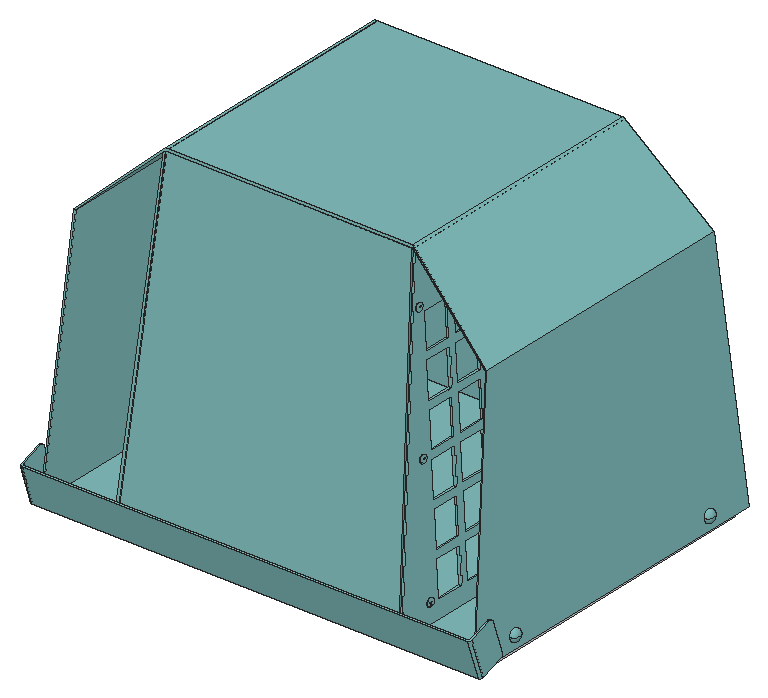
Revit family "Exterior-Mounted Hood", category Generic Models, host Face, Revit 2020
Family settings
  Host = Face
  Can host rebar = No
  Round Connector Dimension = Use Diameter
  Part Type = Normal
  Cut with Voids When Loaded = No
  Shared = No
  Room Calculation Point = No
Parameters
  Default Elevation = 1219.2 mm
Reference planes
  plane 1 "Center (Front/Back)": y = 0
  plane 2: z = 0
  plane 3 "Center (Left/Right)": x = 0
  plane 4: z = 233.5
  plane 5: x = -85
  plane 6: x = -142
  plane 7: z = 179.5
  plane 8: x = -149.5
  plane 9: z = 4
  plane 10: y = 90
  plane 11: z = 13.5
  plane 12: y = 97.5
  plane 13: y = 117.5
  plane 14: y = -90
  plane 15: y = -97.5
  plane 16: y = -117.5
  plane 17: x = 85
  plane 18: x = 142
  plane 19: x = 149.5
Forms (mm)
  Extrusion 1, void
    sketch origin (0, 0, 0) x (1, 0, 0) y (0, 1, 0)
      loop
        line (-40, 35) -> (-40, -36.24) -> (36.866, -36.24) -> (36.866, 35) -> (-40, 35)
    from 0 to -3.408
  Blend 2, solid, material "Default"
    base sketch origin (5.395, 0, -25.499) x (1, 0, 0) y (0, 1, 0)
      loop
        line (-154.895, 117.5) -> (-154.895, -117.5) -> (144.105, -117.5) -> (144.105, 117.5) -> (-154.895, 117.5)
    top sketch origin (5.395, 0, -25.499) x (1, 0, 0) y (0, 1, 0)
      loop
        line (-147.395, 97.5) -> (-147.395, -97.5) -> (136.605, -97.5) -> (136.605, 97.5) -> (-147.395, 97.5)
    from 29.5 to 204.999
  Blend 3, solid, material "Default"
    base sketch origin (5.395, 0, 180.001) x (1, 0, 0) y (0, 1, 0)
      loop
        line (-147.395, -97.5) -> (136.605, -97.5) -> (136.605, 97.5) -> (-147.395, 97.5) -> (-147.395, -97.5)
    top sketch origin (5.395, 0, 180.001) x (1, 0, 0) y (0, 1, 0)
      loop
        line (-90.395, 90) -> (-90.395, -90) -> (79.605, -90) -> (79.605, 90) -> (-90.395, 90)
    from -0.501 to 53.499
  Extrusion 4, solid
    sketch origin (0, 0, 0) x (1, 0, 0) y (0, 1, 0)
      loop
        line (-146, 109.864) -> (-146, -110) -> (146, -110) -> (146, 109.864) -> (-146, 109.864)
    from 0 to 4
  Revolve 5, solid, material "Default"
    sketch origin (0, 2.474, 13.5) x (-1, 0, 0) y (0, -1, 0)
      loop
        line (149.376, 85.974) -> (153, 85.974)
        spline (153, 85.974) -> (152.967, 86.566) -> (152.869, 87.144) -> (152.708, 87.697) -> (152.487, 88.211) -> (152.212, 88.677) -> (151.888, 89.083) -> (151.522, 89.421) -> (151.123, 89.683) -> (150.7, 89.864) -> (150.261, 89.959) -> (149.816, 89.967) -> (149.376, 89.887)
        line (149.376, 89.887) -> (149.376, 85.974)
      loop
        line (148.758, 85.974) -> (148.758, 89.641) -> (147.541, 89.641) -> (147.541, 87.367) -> (145.779, 87.367) -> (145.779, 85.974) -> (148.758, 85.974)
      axis (145.779, 85.974) -> (153, 85.974)
    angle from 0 to 360
  Revolve 6, solid, material "Default"
    sketch origin (0, -21.885, 13.5) x (-1, 0, 0) y (0, -1, 0)
      loop
        line (149.376, 85.974) -> (153.5, 85.974) -> (153.5, 87.367) -> (149.376, 87.367) -> (149.376, 85.974)
      loop
        line (148.758, 85.974) -> (148.758, 89.641) -> (147.541, 89.641) -> (147.541, 87.367) -> (145.779, 87.367) -> (145.779, 85.974) -> (148.758, 85.974)
      axis (145.779, 85.974) -> (153.5, 85.974)
    angle from 0 to 360
  Revolve 7, solid, material "Default"
    sketch origin (0, -21.885, 13.5) x (1, 0, 0) y (0, 1, 0)
      loop
        line (149.376, -85.974) -> (149.376, -87.367) -> (153.5, -87.367) -> (153.5, -85.974) -> (149.376, -85.974)
      loop
        line (148.758, -85.974) -> (145.779, -85.974) -> (145.779, -87.367) -> (147.541, -87.367) -> (147.541, -89.641) -> (148.758, -89.641) -> (148.758, -85.974)
      axis (145.779, -85.974) -> (153.5, -85.974)
    angle from 0 to 360
  Revolve 8, solid, material "Default"
    sketch origin (0, 2.474, 13.5) x (1, 0, 0) y (0, 1, 0)
      loop
        line (149.376, -85.974) -> (149.376, -89.887)
        spline (149.376, -89.887) -> (149.816, -89.967) -> (150.261, -89.959) -> (150.7, -89.864) -> (151.123, -89.683) -> (151.522, -89.421) -> (151.888, -89.083) -> (152.212, -88.677) -> (152.487, -88.211) -> (152.708, -87.697) -> (152.869, -87.144) -> (152.967, -86.566) -> (153, -85.974)
        line (153, -85.974) -> (149.376, -85.974)
      loop
        line (148.758, -85.974) -> (145.779, -85.974) -> (145.779, -87.367) -> (147.541, -87.367) -> (147.541, -89.641) -> (148.758, -89.641) -> (148.758, -85.974)
      axis (145.779, -85.974) -> (153, -85.974)
    angle from 0 to 360
  Revolve 9, solid, material "Default"
    sketch origin (0, -2.474, 13.5) x (-1, 0, 0) y (0, -1, 0)
      loop
        line (149.376, -85.974) -> (149.376, -89.887)
        spline (149.376, -89.887) -> (149.816, -89.967) -> (150.261, -89.959) -> (150.7, -89.864) -> (151.123, -89.683) -> (151.522, -89.421) -> (151.888, -89.083) -> (152.212, -88.677) -> (152.487, -88.211) -> (152.708, -87.697) -> (152.869, -87.144) -> (152.967, -86.566) -> (153, -85.974)
        line (153, -85.974) -> (149.376, -85.974)
      loop
        line (148.758, -85.974) -> (145.779, -85.974) -> (145.779, -87.367) -> (147.541, -87.367) -> (147.541, -89.641) -> (148.758, -89.641) -> (148.758, -85.974)
      axis (145.779, -85.974) -> (153, -85.974)
    angle from 0 to 360
  Revolve 10, solid, material "Default"
    sketch origin (0, -2.474, 13.5) x (1, 0, 0) y (0, 1, 0)
      loop
        line (149.376, 85.974) -> (153, 85.974)
        spline (153, 85.974) -> (152.967, 86.566) -> (152.869, 87.144) -> (152.708, 87.697) -> (152.487, 88.211) -> (152.212, 88.677) -> (151.888, 89.083) -> (151.522, 89.421) -> (151.123, 89.683) -> (150.7, 89.864) -> (150.261, 89.959) -> (149.816, 89.967) -> (149.376, 89.887)
        line (149.376, 89.887) -> (149.376, 85.974)
      loop
        line (148.758, 85.974) -> (148.758, 89.641) -> (147.541, 89.641) -> (147.541, 87.367) -> (145.779, 87.367) -> (145.779, 85.974) -> (148.758, 85.974)
      axis (145.779, 85.974) -> (153, 85.974)
    angle from 0 to 360
  SweptBlend 11, solid, material "Default"
    path origin (0, 0, 4.001) x (1, 0, 0) y (0, 0, 1)
      loop
        line (0, 2) -> (0, 228.104)
    profile origin (0, 0, 6.001) x (-1, 0, 0) y (0, -1, 0)
      loop
        line (-97.5, 117.5) -> (-99.002, 117.5) -> (-99.002, -117.5) -> (-97.5, -117.5) -> (-97.5, 117.5)
    end profile origin (0, 0, 232.106) x (-1, 0, 0) y (0, -1, 0)
      loop
        line (-86, -90) -> (-84.413, -90) -> (-84.413, 90) -> (-86, 90) -> (-86, -90)
  Extrusion 12, void
    sketch origin (0, 0, 0) x (1, 0, 0) y (0, 0, 1)
      loop
        line (-85.018, 232.106) -> (-141.018, 179.053) -> (-148.414, 6.001) -> (148.414, 6.001) -> (141.018, 179.053) -> (85.018, 232.106) -> (-85.018, 232.106)
    from -129.99 to 144.826
  Extrusion 13, solid, material "Default"
    sketch origin (0, 0, 0) x (1, 0, 0) y (0, 0, 1)
      loop
        line (-146, 11.126) -> (-146, 4.001) -> (146, 4.001) -> (146, 11.126)
        spline (146, 11.126) -> (145.974, 11.515) -> (145.898, 11.898) -> (145.772, 12.267) -> (145.598, 12.617) -> (145.38, 12.941) -> (145.121, 13.234) -> (144.826, 13.491) -> (144.5, 13.708) -> (144.148, 13.88) -> (143.776, 14.005) -> (143.392, 14.081) -> (143, 14.107)
        line (143, 14.107) -> (-143, 14.107)
        spline (-143, 14.107) -> (-143.392, 14.081) -> (-143.776, 14.005) -> (-144.148, 13.88) -> (-144.5, 13.708) -> (-144.826, 13.491) -> (-145.121, 13.234) -> (-145.38, 12.941) -> (-145.598, 12.617) -> (-145.772, 12.267) -> (-145.898, 11.898) -> (-145.974, 11.515) -> (-146, 11.126)
    from -118.974 to -117.461
  SweptBlend 14, solid, material "Default"
    path origin (0, 0, 4.001) x (-1, 0, 0) y (0, 0, 1)
      loop
        line (0, 2) -> (0, 228.104)
    profile origin (0, 0, 6.001) x (-1, 0, 0) y (0, -1, 0)
      loop
        line (97.5, 117.5) -> (97.5, -117.5) -> (99.002, -117.5) -> (99.002, 117.5) -> (97.5, 117.5)
    end profile origin (0, 0, 232.106) x (-1, 0, 0) y (0, -1, 0)
      loop
        line (86, -90) -> (86, 90) -> (84.413, 90) -> (84.413, -90) -> (86, -90)
  SweptBlend 15, solid, material "Default"
    path origin (0, 0, 0) x (0, 1, 0) y (0, 0, 1)
      loop
        line (-0.068, 6.001) -> (-0.068, 232.001)
    profile origin (0, -0.068, 6.001) x (0, -1, 0) y (1, 0, 0)
      loop
        line (117.204, 97.392) -> (116.204, 96.916) -> (116.204, -96.916) -> (117.204, -97.392) -> (117.204, 97.392)
    end profile origin (0, -0.068, 232.001) x (0, -1, 0) y (1, 0, 0)
      loop
        line (90.125, -84.413) -> (90.125, 84.413) -> (89.125, 84.413) -> (89.125, -84.413) -> (90.125, -84.413)
  SweptBlend 16, solid, material "Default"
    path origin (0, 0, 0) x (0, -1, 0) y (0, 0, 1)
      loop
        line (-0.068, 6.001) -> (-0.068, 232.001)
    profile origin (0, 0.068, 6.001) x (0, -1, 0) y (1, 0, 0)
      loop
        line (-117.204, 97.392) -> (-117.204, -97.392) -> (-116.204, -96.916) -> (-116.204, 96.916) -> (-117.204, 97.392)
    end profile origin (0, 0.068, 232.001) x (0, -1, 0) y (1, 0, 0)
      loop
        line (-90.125, -84.413) -> (-89.125, -84.413) -> (-89.125, 84.413) -> (-90.125, 84.413) -> (-90.125, -84.413)
  Extrusion 17, void
    sketch origin (99.002, 0, 6.001) x (0, -1, 0) y (-0.057413, 0, 0.998351)
      loop
        line (-85, 36.465) -> (-85, 11.465) -> (-65, 11.465) -> (-65, 36.465) -> (-85, 36.465)
      loop
        line (-85, 41.465) -> (-65, 41.465) -> (-65, 66.465) -> (-85, 66.465) -> (-85, 41.465)
      loop
        line (-85, 71.465) -> (-65, 71.465) -> (-65, 96.465) -> (-85, 96.465) -> (-85, 71.465)
      loop
        line (-85, 101.465) -> (-65, 101.465) -> (-65, 126.465) -> (-85, 126.465) -> (-85, 101.465)
      loop
        line (-85, 131.465) -> (-65, 131.465) -> (-65, 156.465) -> (-85, 156.465) -> (-85, 131.465)
      loop
        line (-85, 161.465) -> (-65, 161.465) -> (-65, 186.465) -> (-85, 186.465) -> (-85, 161.465)
      loop
        line (85, 11.465) -> (85, 36.465) -> (65, 36.465) -> (65, 11.465) -> (85, 11.465)
      loop
        line (60, 11.465) -> (60, 36.465) -> (40, 36.465) -> (40, 11.465) -> (60, 11.465)
      loop
        line (35, 11.465) -> (35, 36.465) -> (15, 36.465) -> (15, 11.465) -> (35, 11.465)
      loop
        line (10, 11.465) -> (10, 36.465) -> (-10, 36.465) -> (-10, 11.465) -> (10, 11.465)
      loop
        line (-15, 11.465) -> (-15, 36.465) -> (-35, 36.465) -> (-35, 11.465) -> (-15, 11.465)
      loop
        line (-40, 11.465) -> (-40, 36.465) -> (-60, 36.465) -> (-60, 11.465) -> (-40, 11.465)
      loop
        line (85, 161.465) -> (85, 186.465) -> (65, 186.465) -> (65, 161.465) -> (85, 161.465)
      loop
        line (60, 161.465) -> (60, 186.465) -> (40, 186.465) -> (40, 161.465) -> (60, 161.465)
      loop
        line (35, 161.465) -> (35, 186.465) -> (15, 186.465) -> (15, 161.465) -> (35, 161.465)
      loop
        line (10, 161.465) -> (10, 186.465) -> (-10, 186.465) -> (-10, 161.465) -> (10, 161.465)
      loop
        line (-15, 161.465) -> (-15, 186.465) -> (-35, 186.465) -> (-35, 161.465) -> (-15, 161.465)
      loop
        line (-40, 161.465) -> (-40, 186.465) -> (-60, 186.465) -> (-60, 161.465) -> (-40, 161.465)
      loop
        line (-35, 156.465) -> (-35, 131.465) -> (-15, 131.465) -> (-15, 156.465) -> (-35, 156.465)
      loop
        line (-60, 156.465) -> (-60, 131.465) -> (-40, 131.465) -> (-40, 156.465) -> (-60, 156.465)
      loop
        line (-10, 156.465) -> (-10, 131.465) -> (10, 131.465) -> (10, 156.465) -> (-10, 156.465)
      loop
        line (15, 156.465) -> (15, 131.465) -> (35, 131.465) -> (35, 156.465) -> (15, 156.465)
      loop
        line (40, 156.465) -> (40, 131.465) -> (60, 131.465) -> (60, 156.465) -> (40, 156.465)
      loop
        line (65, 156.465) -> (65, 131.465) -> (85, 131.465) -> (85, 156.465) -> (65, 156.465)
      loop
        line (-60, 126.465) -> (-60, 101.465) -> (-40, 101.465) -> (-40, 126.465) -> (-60, 126.465)
      loop
        line (-35, 126.465) -> (-35, 101.465) -> (-15, 101.465) -> (-15, 126.465) -> (-35, 126.465)
      loop
        line (-10, 126.465) -> (-10, 101.465) -> (10, 101.465) -> (10, 126.465) -> (-10, 126.465)
      loop
        line (15, 126.465) -> (15, 101.465) -> (35, 101.465) -> (35, 126.465) -> (15, 126.465)
      loop
        line (40, 126.465) -> (40, 101.465) -> (60, 101.465) -> (60, 126.465) -> (40, 126.465)
      loop
        line (65, 126.465) -> (65, 101.465) -> (85, 101.465) -> (85, 126.465) -> (65, 126.465)
      loop
        line (65, 96.465) -> (65, 71.465) -> (85, 71.465) -> (85, 96.465) -> (65, 96.465)
      loop
        line (40, 96.465) -> (40, 71.465) -> (60, 71.465) -> (60, 96.465) -> (40, 96.465)
      loop
        line (15, 96.465) -> (15, 71.465) -> (35, 71.465) -> (35, 96.465) -> (15, 96.465)
      loop
        line (-10, 96.465) -> (-10, 71.465) -> (10, 71.465) -> (10, 96.465) -> (-10, 96.465)
      loop
        line (-35, 96.465) -> (-35, 71.465) -> (-15, 71.465) -> (-15, 96.465) -> (-35, 96.465)
      loop
        line (-60, 96.465) -> (-60, 71.465) -> (-40, 71.465) -> (-40, 96.465) -> (-60, 96.465)
      loop
        line (-60, 66.465) -> (-60, 41.465) -> (-40, 41.465) -> (-40, 66.465) -> (-60, 66.465)
      loop
        line (-35, 66.465) -> (-35, 41.465) -> (-15, 41.465) -> (-15, 66.465) -> (-35, 66.465)
      loop
        line (-10, 66.465) -> (-10, 41.465) -> (10, 41.465) -> (10, 66.465) -> (-10, 66.465)
      loop
        line (15, 66.465) -> (15, 41.465) -> (35, 41.465) -> (35, 66.465) -> (15, 66.465)
      loop
        line (40, 66.465) -> (40, 41.465) -> (60, 41.465) -> (60, 66.465) -> (40, 66.465)
      loop
        line (65, 66.465) -> (65, 41.465) -> (85, 41.465) -> (85, 66.465) -> (65, 66.465)
    from 0 to 12.44
  Extrusion 18, void
    sketch origin (-99.942, 3.134, -10.337) x (0, 1, 0) y (0.057413, 0, 0.998351)
      loop
        line (-88.134, 52.784) -> (-88.134, 27.784) -> (-68.134, 27.784) -> (-68.134, 52.784) -> (-88.134, 52.784)
      loop
        line (-88.134, 57.784) -> (-68.134, 57.784) -> (-68.134, 82.784) -> (-88.134, 82.784) -> (-88.134, 57.784)
      loop
        line (-88.134, 87.784) -> (-68.134, 87.784) -> (-68.134, 112.784) -> (-88.134, 112.784) -> (-88.134, 87.784)
      loop
        line (-88.134, 117.784) -> (-68.134, 117.784) -> (-68.134, 142.784) -> (-88.134, 142.784) -> (-88.134, 117.784)
      loop
        line (-88.134, 147.784) -> (-68.134, 147.784) -> (-68.134, 172.784) -> (-88.134, 172.784) -> (-88.134, 147.784)
      loop
        line (-88.134, 177.784) -> (-68.134, 177.784) -> (-68.134, 202.784) -> (-88.134, 202.784) -> (-88.134, 177.784)
      loop
        line (81.866, 27.784) -> (81.866, 52.784) -> (61.866, 52.784) -> (61.866, 27.784) -> (81.866, 27.784)
      loop
        line (56.866, 27.784) -> (56.866, 52.784) -> (36.866, 52.784) -> (36.866, 27.784) -> (56.866, 27.784)
      loop
        line (31.866, 27.784) -> (31.866, 52.784) -> (11.866, 52.784) -> (11.866, 27.784) -> (31.866, 27.784)
      loop
        line (6.866, 27.784) -> (6.866, 52.784) -> (-13.134, 52.784) -> (-13.134, 27.784) -> (6.866, 27.784)
      loop
        line (-18.134, 27.784) -> (-18.134, 52.784) -> (-38.134, 52.784) -> (-38.134, 27.784) -> (-18.134, 27.784)
      loop
        line (-43.134, 27.784) -> (-43.134, 52.784) -> (-63.134, 52.784) -> (-63.134, 27.784) -> (-43.134, 27.784)
      loop
        line (81.866, 177.784) -> (81.866, 202.784) -> (61.866, 202.784) -> (61.866, 177.784) -> (81.866, 177.784)
      loop
        line (56.866, 177.784) -> (56.866, 202.784) -> (36.866, 202.784) -> (36.866, 177.784) -> (56.866, 177.784)
      loop
        line (31.866, 177.784) -> (31.866, 202.784) -> (11.866, 202.784) -> (11.866, 177.784) -> (31.866, 177.784)
      loop
        line (6.866, 177.784) -> (6.866, 202.784) -> (-13.134, 202.784) -> (-13.134, 177.784) -> (6.866, 177.784)
      loop
        line (-18.134, 177.784) -> (-18.134, 202.784) -> (-38.134, 202.784) -> (-38.134, 177.784) -> (-18.134, 177.784)
      loop
        line (-43.134, 177.784) -> (-43.134, 202.784) -> (-63.134, 202.784) -> (-63.134, 177.784) -> (-43.134, 177.784)
      loop
        line (-38.134, 172.784) -> (-38.134, 147.784) -> (-18.134, 147.784) -> (-18.134, 172.784) -> (-38.134, 172.784)
      loop
        line (-63.134, 172.784) -> (-63.134, 147.784) -> (-43.134, 147.784) -> (-43.134, 172.784) -> (-63.134, 172.784)
      loop
        line (-13.134, 172.784) -> (-13.134, 147.784) -> (6.866, 147.784) -> (6.866, 172.784) -> (-13.134, 172.784)
      loop
        line (11.866, 172.784) -> (11.866, 147.784) -> (31.866, 147.784) -> (31.866, 172.784) -> (11.866, 172.784)
      loop
        line (36.866, 172.784) -> (36.866, 147.784) -> (56.866, 147.784) -> (56.866, 172.784) -> (36.866, 172.784)
      loop
        line (61.866, 172.784) -> (61.866, 147.784) -> (81.866, 147.784) -> (81.866, 172.784) -> (61.866, 172.784)
      loop
        line (-63.134, 142.784) -> (-63.134, 117.784) -> (-43.134, 117.784) -> (-43.134, 142.784) -> (-63.134, 142.784)
      loop
        line (-38.134, 142.784) -> (-38.134, 117.784) -> (-18.134, 117.784) -> (-18.134, 142.784) -> (-38.134, 142.784)
      loop
        line (-13.134, 142.784) -> (-13.134, 117.784) -> (6.866, 117.784) -> (6.866, 142.784) -> (-13.134, 142.784)
      loop
        line (11.866, 142.784) -> (11.866, 117.784) -> (31.866, 117.784) -> (31.866, 142.784) -> (11.866, 142.784)
      loop
        line (36.866, 142.784) -> (36.866, 117.784) -> (56.866, 117.784) -> (56.866, 142.784) -> (36.866, 142.784)
      loop
        line (61.866, 142.784) -> (61.866, 117.784) -> (81.866, 117.784) -> (81.866, 142.784) -> (61.866, 142.784)
      loop
        line (61.866, 112.784) -> (61.866, 87.784) -> (81.866, 87.784) -> (81.866, 112.784) -> (61.866, 112.784)
      loop
        line (36.866, 112.784) -> (36.866, 87.784) -> (56.866, 87.784) -> (56.866, 112.784) -> (36.866, 112.784)
      loop
        line (11.866, 112.784) -> (11.866, 87.784) -> (31.866, 87.784) -> (31.866, 112.784) -> (11.866, 112.784)
      loop
        line (-13.134, 112.784) -> (-13.134, 87.784) -> (6.866, 87.784) -> (6.866, 112.784) -> (-13.134, 112.784)
      loop
        line (-38.134, 112.784) -> (-38.134, 87.784) -> (-18.134, 87.784) -> (-18.134, 112.784) -> (-38.134, 112.784)
      loop
        line (-63.134, 112.784) -> (-63.134, 87.784) -> (-43.134, 87.784) -> (-43.134, 112.784) -> (-63.134, 112.784)
      loop
        line (-63.134, 82.784) -> (-63.134, 57.784) -> (-43.134, 57.784) -> (-43.134, 82.784) -> (-63.134, 82.784)
      loop
        line (-38.134, 82.784) -> (-38.134, 57.784) -> (-18.134, 57.784) -> (-18.134, 82.784) -> (-38.134, 82.784)
      loop
        line (-13.134, 82.784) -> (-13.134, 57.784) -> (6.866, 57.784) -> (6.866, 82.784) -> (-13.134, 82.784)
      loop
        line (11.866, 82.784) -> (11.866, 57.784) -> (31.866, 57.784) -> (31.866, 82.784) -> (11.866, 82.784)
      loop
        line (36.866, 82.784) -> (36.866, 57.784) -> (56.866, 57.784) -> (56.866, 82.784) -> (36.866, 82.784)
      loop
        line (61.866, 82.784) -> (61.866, 57.784) -> (81.866, 57.784) -> (81.866, 82.784) -> (61.866, 82.784)
    from 0 to 12.44
  Revolve 19, solid, material "Default"
    sketch origin (85.974, -30.454, 9.281) x (0, 1, 0) y (-1, 0, 0)
      loop
        line (149.376, 85.974) -> (153, 85.974)
        spline (153, 85.974) -> (152.967, 86.566) -> (152.869, 87.144) -> (152.708, 87.697) -> (152.487, 88.211) -> (152.212, 88.677) -> (151.888, 89.083) -> (151.522, 89.421) -> (151.123, 89.683) -> (150.7, 89.864) -> (150.261, 89.959) -> (149.816, 89.967) -> (149.376, 89.887)
        line (149.376, 89.887) -> (149.376, 85.974)
      axis (149.376, 85.974) -> (153, 85.974)
    angle from 0 to 360
  Extrusion 20, solid, material "Default"
    sketch origin (-95.074, -6.431, 74.31) x (0, -1, 0) y (0.057413, 0, 0.998351)
      loop
        circle (-98.851, 31.613) r 2.5
      loop
        line (-99.19, 33.423) -> (-99.19, 32.09) -> (-100.531, 32.09) -> (-100.531, 31.29) -> (-99.19, 31.29) -> (-99.19, 29.923) -> (-98.39, 29.923) -> (-98.39, 31.29) -> (-97.031, 31.29) -> (-97.031, 32.09) -> (-98.39, 32.09) -> (-98.39, 33.423) -> (-99.19, 33.423)
    from 0.625 to 1.144
  Extrusion 21, solid, material "Default"
    sketch origin (-89.869, -9.308, 164.829) x (0, -1, 0) y (0.057413, 0, 0.998351)
      loop
        circle (-98.851, 31.613) r 2.5
      loop
        line (-99.19, 33.423) -> (-99.19, 32.09) -> (-100.531, 32.09) -> (-100.531, 31.29) -> (-99.19, 31.29) -> (-99.19, 29.923) -> (-98.39, 29.923) -> (-98.39, 31.29) -> (-97.031, 31.29) -> (-97.031, 32.09) -> (-98.39, 32.09) -> (-98.39, 33.423) -> (-99.19, 33.423)
    from 0.558 to 1.144
  Extrusion 22, solid, material "Default"
    sketch origin (-100.043, -6.431, -12.089) x (0, -1, 0) y (0.057413, 0, 0.998351)
      loop
        circle (-98.851, 31.613) r 2.5
      loop
        line (-99.19, 33.423) -> (-99.19, 32.09) -> (-100.531, 32.09) -> (-100.531, 31.29) -> (-99.19, 31.29) -> (-99.19, 29.923) -> (-98.39, 29.923) -> (-98.39, 31.29) -> (-97.031, 31.29) -> (-97.031, 32.09) -> (-98.39, 32.09) -> (-98.39, 33.423) -> (-99.19, 33.423)
    from 0.568 to 1.144
  Extrusion 23, solid, material "Default"
    sketch origin (-95.074, 6.431, 74.31) x (0, 1, 0) y (-0.057413, 0, -0.998351)
      loop
        circle (-98.851, -31.613) r 2.5
      loop
        line (-99.19, -33.423) -> (-98.39, -33.423) -> (-98.39, -32.09) -> (-97.031, -32.09) -> (-97.031, -31.29) -> (-98.39, -31.29) -> (-98.39, -29.923) -> (-99.19, -29.923) -> (-99.19, -31.29) -> (-100.531, -31.29) -> (-100.531, -32.09) -> (-99.19, -32.09) -> (-99.19, -33.423)
    from 0.625 to 1.144
  Extrusion 24, solid, material "Default"
    sketch origin (-89.869, 9.308, 164.829) x (0, 1, 0) y (-0.057413, 0, -0.998351)
      loop
        circle (-98.851, -31.613) r 2.5
      loop
        line (-99.19, -33.423) -> (-98.39, -33.423) -> (-98.39, -32.09) -> (-97.031, -32.09) -> (-97.031, -31.29) -> (-98.39, -31.29) -> (-98.39, -29.923) -> (-99.19, -29.923) -> (-99.19, -31.29) -> (-100.531, -31.29) -> (-100.531, -32.09) -> (-99.19, -32.09) -> (-99.19, -33.423)
    from 0.558 to 1.144
  Extrusion 25, solid, material "Default"
    sketch origin (-100.043, 6.431, -12.089) x (0, 1, 0) y (-0.057413, 0, -0.998351)
      loop
        circle (-98.851, -31.613) r 2.5
      loop
        line (-99.19, -33.423) -> (-98.39, -33.423) -> (-98.39, -32.09) -> (-97.031, -32.09) -> (-97.031, -31.29) -> (-98.39, -31.29) -> (-98.39, -29.923) -> (-99.19, -29.923) -> (-99.19, -31.29) -> (-100.531, -31.29) -> (-100.531, -32.09) -> (-99.19, -32.09) -> (-99.19, -33.423)
    from 0.568 to 1.144
  Extrusion 26, solid, material "Default"
    sketch origin (98.652, 179, 12.102) x (0, 1, 0) y (-0.057413, 0, 0.998351)
      loop
        circle (-89.462, 184.705) r 2.5
      loop
        line (-89.8, 186.515) -> (-89.8, 185.182) -> (-91.142, 185.182) -> (-91.142, 184.382) -> (-89.8, 184.382) -> (-89.8, 183.015) -> (-89, 183.015) -> (-89, 184.382) -> (-87.642, 184.382) -> (-87.642, 185.182) -> (-89, 185.182) -> (-89, 186.515) -> (-89.8, 186.515)
    from 0.432 to 1.144
  Extrusion 27, solid, material "Default"
    sketch origin (103.851, 182.021, -78.309) x (0, 1, 0) y (-0.057413, 0, 0.998351)
      loop
        circle (-89.462, 184.705) r 2.5
      loop
        line (-89.8, 186.515) -> (-89.8, 185.182) -> (-91.142, 185.182) -> (-91.142, 184.382) -> (-89.8, 184.382) -> (-89.8, 183.015) -> (-89, 183.015) -> (-89, 184.382) -> (-87.642, 184.382) -> (-87.642, 185.182) -> (-89, 185.182) -> (-89, 186.515) -> (-89.8, 186.515)
    from 0.508 to 1.144
  Extrusion 28, solid, material "Default"
    sketch origin (108.825, 182.084, -164.808) x (0, 1, 0) y (-0.057413, 0, 0.998351)
      loop
        circle (-89.462, 184.705) r 2.5
      loop
        line (-89.8, 186.515) -> (-89.8, 185.182) -> (-91.142, 185.182) -> (-91.142, 184.382) -> (-89.8, 184.382) -> (-89.8, 183.015) -> (-89, 183.015) -> (-89, 184.382) -> (-87.642, 184.382) -> (-87.642, 185.182) -> (-89, 185.182) -> (-89, 186.515) -> (-89.8, 186.515)
    from 0.676 to 1.144
  Extrusion 29, solid, material "Default"
    sketch origin (98.652, -179, 12.102) x (0, -1, 0) y (0.057413, 0, -0.998351)
      loop
        circle (-89.462, -184.705) r 2.5
      loop
        line (-89.8, -186.515) -> (-89, -186.515) -> (-89, -185.182) -> (-87.642, -185.182) -> (-87.642, -184.382) -> (-89, -184.382) -> (-89, -183.015) -> (-89.8, -183.015) -> (-89.8, -184.382) -> (-91.142, -184.382) -> (-91.142, -185.182) -> (-89.8, -185.182) -> (-89.8, -186.515)
    from 0.642 to 1.144
  Extrusion 30, solid, material "Default"
    sketch origin (103.851, -182.021, -78.309) x (0, -1, 0) y (0.057413, 0, -0.998351)
      loop
        circle (-89.462, -184.705) r 2.5
      loop
        line (-89.8, -186.515) -> (-89, -186.515) -> (-89, -185.182) -> (-87.642, -185.182) -> (-87.642, -184.382) -> (-89, -184.382) -> (-89, -183.015) -> (-89.8, -183.015) -> (-89.8, -184.382) -> (-91.142, -184.382) -> (-91.142, -185.182) -> (-89.8, -185.182) -> (-89.8, -186.515)
    from 0.508 to 1.144
  Extrusion 31, solid, material "Default"
    sketch origin (108.825, -182.084, -164.808) x (0, -1, 0) y (0.057413, 0, -0.998351)
      loop
        circle (-89.462, -184.705) r 2.5
      loop
        line (-89.8, -186.515) -> (-89, -186.515) -> (-89, -185.182) -> (-87.642, -185.182) -> (-87.642, -184.382) -> (-89, -184.382) -> (-89, -183.015) -> (-89.8, -183.015) -> (-89.8, -184.382) -> (-91.142, -184.382) -> (-91.142, -185.182) -> (-89.8, -185.182) -> (-89.8, -186.515)
    from 0.676 to 1.144
  Extrusion 32, solid, material "Default"
    sketch origin (98.652, -179, 12.102) x (0, -1, 0) y (0.057413, 0, -0.998351)
      loop
        circle (-89.462, -184.705) r 2.5
    from 0 to 0.642
  Extrusion 33, solid, material "Default"
    sketch origin (103.851, -182.021, -78.309) x (0, -1, 0) y (0.057413, 0, -0.998351)
      loop
        circle (-89.462, -184.705) r 2.5
    from 0 to 0.508
  Extrusion 34, solid, material "Default"
    sketch origin (108.825, -182.084, -164.808) x (0, -1, 0) y (0.057413, 0, -0.998351)
      loop
        circle (-89.462, -184.705) r 2.5
    from 0 to 0.676
  Extrusion 35, solid, material "Default"
    sketch origin (108.825, 182.084, -164.808) x (0, 1, 0) y (-0.057413, 0, 0.998351)
      loop
        circle (-89.462, 184.705) r 2.5
    from 0 to 0.676
  Extrusion 36, solid, material "Default"
    sketch origin (103.851, 182.021, -78.309) x (0, 1, 0) y (-0.057413, 0, 0.998351)
      loop
        circle (-89.462, 184.705) r 2.5
    from 0 to 0.508
  Extrusion 37, solid, material "Default"
    sketch origin (98.652, 179, 12.102) x (0, 1, 0) y (-0.057413, 0, 0.998351)
      loop
        circle (-89.462, 184.705) r 2.5
    from 0 to 0.432
  Extrusion 38, solid, material "Default"
    sketch origin (-100.043, 6.431, -12.089) x (0, 1, 0) y (-0.057413, 0, -0.998351)
      loop
        circle (-98.851, -31.613) r 2.5
    from 0 to 0.568
  Extrusion 39, solid, material "Default"
    sketch origin (-95.074, 6.431, 74.31) x (0, 1, 0) y (-0.057413, 0, -0.998351)
      loop
        circle (-98.851, -31.613) r 2.5
    from 0 to 0.625
  Extrusion 40, solid, material "Default"
    sketch origin (-89.869, 9.308, 164.829) x (0, 1, 0) y (-0.057413, 0, -0.998351)
      loop
        circle (-98.851, -31.613) r 2.5
    from 0 to 0.558
  Extrusion 41, solid, material "Default"
    sketch origin (-100.043, -6.431, -12.089) x (0, -1, 0) y (0.057413, 0, 0.998351)
      loop
        circle (-98.851, 31.613) r 2.5
    from 0 to 0.568
  Extrusion 42, solid, material "Default"
    sketch origin (-95.074, -6.431, 74.31) x (0, -1, 0) y (0.057413, 0, 0.998351)
      loop
        circle (-98.851, 31.613) r 2.5
    from 0 to 0.625
  Extrusion 43, solid, material "Default"
    sketch origin (-89.869, -9.308, 164.829) x (0, -1, 0) y (0.057413, 0, 0.998351)
      loop
        circle (-98.851, 31.613) r 2.5
    from 0 to 0.558
Cuts and joins
  Extrusion 12, Extrusion 17 cuts Blend 2
  Extrusion 12, Extrusion 17 cuts Blend 3
  Extrusion 12, Extrusion 17 cuts Revolve 5
  Extrusion 12, Extrusion 17 cuts Revolve 6
  Extrusion 12, Extrusion 17 cuts Revolve 7
  Extrusion 12, Extrusion 17 cuts Revolve 8
  Extrusion 12, Extrusion 17 cuts Revolve 9
  Extrusion 12, Extrusion 17 cuts Revolve 10
  joined: Blend 2, Blend 3, Revolve 5, Revolve 6, Revolve 7, Revolve 8, Revolve 9, Revolve 10
  Extrusion 17 cuts Extrusion 4
  Extrusion 17, Extrusion 18 cuts SweptBlend 11
  Extrusion 17, Extrusion 18 cuts SweptBlend 14
  joined: Extrusion 13, Revolve 19
  joined: Extrusion 29, Extrusion 32
  joined: Extrusion 31, Extrusion 34
  joined: Extrusion 30, Extrusion 33
  joined: Extrusion 28, Extrusion 35
  joined: Extrusion 27, Extrusion 36
  joined: Extrusion 26, Extrusion 37
  joined: Extrusion 25, Extrusion 38
  joined: Extrusion 23, Extrusion 39
  joined: Extrusion 24, Extrusion 40
  joined: Extrusion 22, Extrusion 41
  joined: Extrusion 20, Extrusion 42
  joined: Extrusion 21, Extrusion 43
Lines and regions (mm)
  model lines
    curve 1: circle (-121.269, 93.364, 6.001) r 6 normal (0, 0, 1)
    curve 2: circle (-121.269, 93.364, 6.001) r 1.285 normal (0, 0, 1)
    curve 3: circle (121.269, 93.364, 6.001) r 6 normal (0, 0, -1)
    curve 4: circle (121.269, 93.364, 6.001) r 1.285 normal (0, 0, -1)
    curve 5: circle (121.269, -93.364, 6.001) r 6 normal (0, 0, 1)
    curve 6: circle (121.269, -93.364, 6.001) r 1.285 normal (0, 0, 1)
Dimensions and locks
  plane 19 to plane 18 to plane 17 to plane 5 to plane 6 to plane 8 = 7.5 mm, 57 mm, 170 mm, 57 mm, 7.5 mm
  plane 5 to plane 6 to plane 8 = 57 mm, 7.5 mm
  plane 4 to plane 7 to Extrusion 1 = 54 mm, 179.5 mm
  plane 9 to Extrusion 1 = 4 mm
  plane 11 to plane 9 = 9.5 mm
  cut or joined group 1 (Blend 2, Blend 3, Revolve 5, Revolve 6, Revolve 7, Revolve 8, Revolve 9, Revolve 10, Extrusion 12, Extrusion 17) to plane 1 "Center (Front/Back)" to cut or joined group 1 = 90 mm, 90 mm
  Extrusion 4 to cut or joined group 1 to plane 11 = 4.001 mm, 9.499 mm
  plane 4 to plane 11 = 220 mm
  plane 4 to plane 7 = 54 mm
  plane 13 to plane 12 to plane 10 to plane 1 "Center (Front/Back)" = 20 mm, 7.5 mm, 90 mm
  aligned and locked: plane 2 to Extrusion 1
  aligned and locked: level to Extrusion 1
Nested families
  nested 1: "Family2" at (0, -107.094, 3.437), type "Family2"
    with paint Default
Definition of nested family "Family2"
  Parameters (values of type "Family2")
    paint [instance] = none
    Default Elevation = 0 mm
  Reference planes
    plane 1 "Center (Front/Back)": y = 0
    plane 2: z = 0
    plane 3 "Center (Left/Right)": x = 0
    plane 4: z = 20
    plane 5: z = 25
    plane 6: through (0, -23.276, 32.601) normal (0, -0.9455, -0.3256)
  Forms (mm)
    Extrusion 1, solid, material <- "paint"
      sketch origin (0, 6.854, 6.576) x (1, 0, 0) y (0, 0.94534, 0.326088)
        loop
          line (-153.5, -20) -> (153.5, -20)
          arc (153.5, -20) -> (154.561, -19.561) -> (155, -18.5) r 1.5
          line (155, -18.5) -> (155, 0) -> (153.5, 0) -> (153.5, -17.5)
          arc (153.5, -17.5) -> (153.207, -18.207) -> (152.5, -18.5) r 1
          line (152.5, -18.5) -> (-152.5, -18.5)
          arc (-152.5, -18.5) -> (-153.207, -18.207) -> (-153.5, -17.5) r 1
          line (-153.5, -17.5) -> (-153.5, 0) -> (-155, 0) -> (-155, -18.5)
          arc (-155, -18.5) -> (-154.561, -19.561) -> (-153.5, -20) r 1.5
      from 0 to 28
    Extrusion 2, void
      sketch origin (0, 0, 0) x (0, 1, 0) y (0, 0, 1)
        loop
          arc (6.202, 8.467) -> (6.114, 6.949) -> (4.985, 5.931) r 2
          line (4.985, 5.931) -> (5.307, 4.998) -> (8.136, 5.974) -> (7.162, 8.798) -> (6.202, 8.467)
        loop
          line (-1.624, 31.155) -> (-0.664, 31.486) -> (-1.638, 34.31) -> (-4.467, 33.334) -> (-4.145, 32.401)
          arc (-4.145, 32.401) -> (-2.629, 32.296) -> (-1.624, 31.155) r 2
      from -168.541 to 172.879
  Cuts and joins
    Extrusion 2 cuts Extrusion 1
  Dimensions and locks
    plane 4 to level = 20 mm
    aligned and locked: level to plane 2
